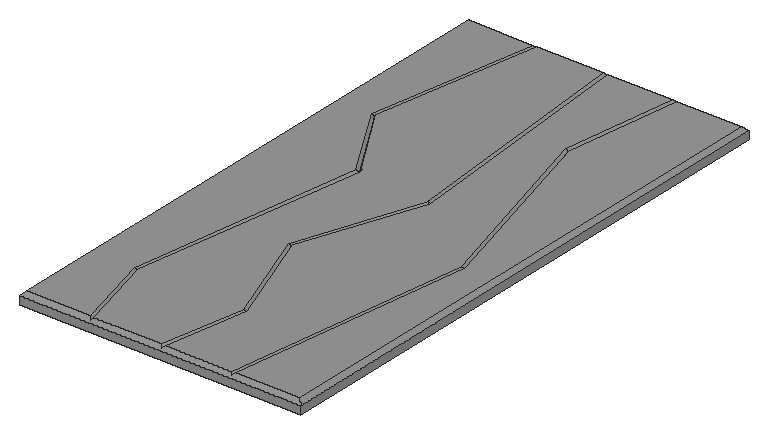
Revit family "CRACKLE-2X4", category Generic Models, Revit 2026
Family settings
  Can host rebar = No
  Round Connector Dimension = Use Diameter
  Part Type = Normal
  Work Plane-Based = No
  Always vertical = Yes
  Cut with Voids When Loaded = No
  Maintain Annotation Orientation = No
  Shared = No
  Room Calculation Point = No
Parameters (values of type "STANDARD - CUSTOM PAINTED")
  URL = "https://www.acousticalsurfaces.com/envirocoustic-wood-wool/designs/"
  Thickness = 0' - 1"
  Material = "Envirocoustic Wood Wool"
  Manufacturer = "Acoustical Surfaces, Inc."
  Finish = Custom Painted
  Default Elevation = 0' - 0"
  Backer Thickness = 0' - 1"
  Backer = no
Types (9): name | Finish | Backer Thickness | Backer
  STANDARD - CUSTOM PAINTED | Custom Painted | 0' - 1" | no
  STANDARD - PRIMED WHITE | Primed White | 0' - 1" | no
  STANDARD - PRIMED CLEAR | Primed Clear | 0' - 1" | no
  2 INCH CFAB BACKER - PRIMED WHITE | Primed White | 0' - 2" | yes
  1 INCH CFAB BACKER - PRIMED WHITE | Primed White | 0' - 1" | yes
  2 INCH CFAB BACKER - PRIMED CLEAR | Primed Clear | 0' - 2" | yes
  1 INCH CFAB BACKER - PRIMED CLEAR | Primed Clear | 0' - 1" | yes
  2 INCH CFAB BACKER - CUSTOM PAINTED | Custom Painted | 0' - 2" | yes
  1 INCH CFAB BACKER - CUSTOM PAINTED | Custom Painted | 0' - 1" | yes
Reference planes (in)
  plane 1 "Center (Front/Back)": y = 0
  plane 2: z = 0
  plane 3 "Center (Left/Right)": x = 0
  plane 4: x = -12
  plane 5: x = 12
  plane 6: y = 24
  plane 7: y = -24
  plane 8: z = 1
  plane 9: z = -1
Forms (in)
  Extrusion 1, solid, material "Custom Painted" <- "Finish"
    sketch origin (0, 0, 0) x (1, 0, 0) y (0, 1, 0)
      loop
        line (12, 24) -> (-12, 24) -> (-12, -24) -> (12, -24) -> (12, 24)
    from 0 to 1
  Sweep 2, void
    path in 3D
      loop
        line (12, 24, 1) -> (-12, 24, 1) -> (-12, -24, 1) -> (12, -24, 1) -> (12, 24, 1)
    profile "Triangle : Family2" origin (12, 0, 1) x (-1, 0, 0) y (0, 0, 1)
      loop
        line (0, 0) -> (0, -0.315) -> (0.315, 0) -> (0, 0)
  Extrusion 3, solid, visible <- "Backer"
    sketch origin (0, 0, 0) x (1, 0, 0) y (0, 1, 0)
      loop
        line (12, 24) -> (-12, 24) -> (-12, -24) -> (12, -24) -> (12, 24)
    from 0 to -1
  Sweep 4, void
    path origin (0, 0, 1) x (1, 0, 0) y (0, 1, 0)
      loop
        line (-6.00002, -24) -> (-7.87494, -16.68245) -> (-4.62556, 3.00974) -> (-8.63435, 9.66933) -> (-6.00002, 24)
    profile "Groove : Family2" origin (-7.31718, 16.83466, 1) x (-0.983521, 0.180795, 0) y (0, 0, 1)
      loop
        line (-0.1575, 0) -> (0, -0.1575) -> (0.1575, 0) -> (-0.1575, 0)
  Sweep 5, void
    path origin (0, 0, 1) x (1, 0, 0) y (0, 1, 0)
      loop
        line (0, -24) -> (1.41701, -16.59116) -> (-1.85758, -7.66046) -> (1.81394, 2.56023) -> (0, 24)
    profile "Groove : Family2" origin (0.90697, 13.28012, 1) x (-0.99644, -0.084305, 0) y (0, 0, 1)
      loop
        line (-0.1575, 0) -> (0, -0.1575) -> (0.1575, 0) -> (-0.1575, 0)
  Sweep 6, void
    path origin (0, 0, 1) x (1, 0, 0) y (0, 1, 0)
      loop
        line (6.00002, -24) -> (9.11538, -2.89742) -> (4.52173, 13.98648) -> (6.00002, 24)
    profile "Groove : Family2" origin (5.26087, 18.99324, 1) x (-0.989278, 0.146046, 0) y (0, 0, 1)
      loop
        line (-0.1575, 0) -> (0, -0.1575) -> (0.1575, 0) -> (-0.1575, 0)
Cuts and joins
  Sweep 2, Sweep 4, Sweep 5, Sweep 6 cuts Extrusion 1
Lines and regions (in)
  sketch lines
    curve 1: line (12, -24, 1) -> (12, 24, 1)
    curve 2: line (-12, -24, 1) -> (12, -24, 1)
    curve 3: line (-12, 24, 1) -> (-12, -24, 1)
    curve 4: line (12, 24, 1) -> (-12, 24, 1)
Dimensions and locks (in)
  equal spacing: plane 4, plane 3 "Center (Left/Right)", plane 5
  equal spacing: plane 7, plane 1 "Center (Front/Back)", plane 6
  plane 7 to plane 6 = 4' - 0"
  locked: plane 4 to plane 5 at 24
  "Thickness": plane 8 to level
  "Backer Thickness": level to plane 9
  aligned and locked: level to plane 2
  aligned and locked: Extrusion 1 sketch curve to plane 4
  aligned and locked: plane 5 to Extrusion 1 sketch curve
  aligned and locked: Extrusion 1 sketch curve to plane 6
  aligned and locked: Extrusion 1 sketch curve to plane 7
  aligned and locked: Extrusion 1 to plane 8
  aligned and locked: Extrusion 3 sketch curve to plane 4
  aligned and locked: plane 5 to Extrusion 3 sketch curve
  aligned and locked: Extrusion 3 sketch curve to plane 6
  aligned and locked: Extrusion 3 sketch curve to plane 7
  aligned and locked: plane 9 to Extrusion 3
Automatic sketch dimensions
  Sweep 4 sketch curve to Extrusion 1 = 0' - 0"
  Sweep 4 sketch curve to Extrusion 1 = 0' - 3.36565"
  Sweep 4 sketch curve to Extrusion 1 = 1' - 2.33067"
  Sweep 4 sketch curve to Extrusion 1 = 0' - 5.99998"  (x2)
  Sweep 4 sketch curve to Extrusion 1 = 0' - 7.37444"
  Sweep 4 sketch curve to Sweep 4 sketch curve = 0' - 6.65958"
  Sweep 4 sketch curve to Extrusion 1 = 0' - 4.12506"
  Sweep 4 sketch curve to Extrusion 1 = 0' - 7.31755"
  Extrusion 1 to Sweep 4 sketch curve = 0' - 0"
  Sweep 5 sketch curve to Extrusion 1 = 0' - 0"
  Sweep 5 sketch curve to Extrusion 1 = 0' - 10.18606"
  Sweep 5 sketch curve to Extrusion 1 = 1' - 9.43977"
  Sweep 5 sketch curve to Extrusion 1 = 1' - 0"
  Sweep 5 sketch curve to Extrusion 1 = 0' - 10.14242"
  Sweep 5 sketch curve to Sweep 5 sketch curve = 0' - 10.22069"
  Sweep 5 sketch curve to Sweep 5 sketch curve = 0' - 3.27459"
  Sweep 5 sketch curve to Extrusion 1 = 0' - 7.40884"
  Extrusion 1 to Sweep 5 sketch curve = 0' - 0"
  Sweep 5 sketch curve to Sweep 5 sketch curve = 0' - 1.41702"
  Sweep 6 sketch curve to Extrusion 1 = 0' - 0"
  Sweep 6 sketch curve to Extrusion 1 = 0' - 7.47827"
  Sweep 6 sketch curve to Extrusion 1 = 0' - 10.01352"
  Sweep 6 sketch curve to Extrusion 1 = 0' - 6"  (x2)
  Sweep 6 sketch curve to Extrusion 1 = 0' - 2.88462"
  Sweep 6 sketch curve to Sweep 6 sketch curve = 1' - 4.8839"
  Extrusion 1 to Sweep 6 sketch curve = 0' - 0"
